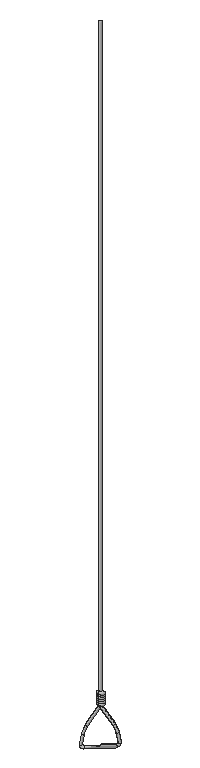
Revit family "Wire-HunterDouglas-TechStyle_E-Clipped", category Specialty Equipment, Revit 2013
Parameters
  ecoScorecard_data = "http://products.ecoscorecard.com/hunterdouglascontract/TechE"
  ecoScorecard Product Page = "http://hunterdouglascontract.ecoscorecard.com/product/TechE?base_search=product_category_A1035"
  Wire Visibility = yes
  Wire Hanger = none
  Width = 0' - 0"
  Weight Per Piece Area = 0.0003 ksf
  Warranty URL = "http://www.hunterdouglascontract.com/ceilings/acousticalsolutions/techstyleE/index.jsp#"
  Wall Angle Visibility = yes
  VOC Data URL = "http://assets.hunterdouglascontract.com/documents/ceilings/metalsystems/Metal1_-_Greenguard_Gold_Certificate.pdf?modDate=1386600944000"
  URL = "http://www.hunterdouglasceilings.com"
  Technical Information = "http://assets.hunterdouglascontract.com/documents/ceilings/acousticalsolutions/TS11_Techstyle-E_Clipped.doc?modDate=1291936409000"
  Submittal URL = "http://assets.hunterdouglascontract.com/documents/ceilings/acousticalsolutions/TechstyleE-SubmittalSheet-final.pdf?modDate=1252612762000"
  Subcategory = "Techstyle E"  # constant formula
  Smoke Developed Index = "≤ 10"
  Seismic Info URL = "http://assets.hunterdouglascontract.com/documents/Cadfiles/cad/1/1.24.dwg"
  Recycled Content Percentage = "7%"
  Recyclable = yes
  Product Page URL = "http://www.hunterdouglascontract.com/ceilings/acousticalsolutions/techstyleE/index.jsp"
  Product Line = "Techstyle Ceilings"  # constant formula
  Perforations = "http://www.hunterdouglascontract.com/ceilings/acousticalsolutions/techstyleE/index.jsp"
  Perforation Pattern Info URL = ""
  Panel Width Availability = "24\", 30\", 48\""
  Panel Length Availability = "6” in increments of 6\" up to 72\"  and up to 96\" (for 24\" W Only)"
  Mold Resistant Note = "Resistant to 95% humidity in 104°F temperature"
  Model = "Techstyle E"  # constant formula
  Material = Metal - Aluminum Frame - HunterDouglas - Painted White
  Manufacturer Phone = ""
  Manufacturer Fax = ""
  Manufacturer Email = "mailto:ceilings@hunterdouglas.com"
  Manufacturer Address = "1 Hunter Douglas Circle, Thornton CO 80241"  # constant formula
  Manufacturer = "Hunter Douglas Luxalon Metal Ceilings"  # constant formula
  Light Reflectance Average = 0.81
  Installation URL = "http://assets.hunterdouglascontract.com/documents/ceilings/acousticalsolutions/classic/Installation_Instruct_2008.pdf?modDate=1240872428000"
  Humidity and Sag Resistant = yes
  High Durability = yes
  Height = 0' - 0"
  HangerWire Length = 2' - 0"
  HPD URL = "In Process"
  GREENGUARD URL = "http://assets.hunterdouglascontract.com/documents/ceilings/metalsystems/Metal1_-_Greenguard_Gold_Certificate.pdf?modDate=1386600944000"
  GREENGUARD Certified = yes
  Floating Trim Visibility = no
  Flame Spread Index = "≤ 10"
  Fire Rating = "Class A (1) (ASTM E 84) (ASTM 1264)"
  EPD URL = "In Process"
  Different Colors Available = no
  Description = "Acoustical Ceiling Panels"  # constant formula
  Cost Info = "mailto:ceilings@hunterdouglas.com"
  Copyright © = "© Hunter Douglas Inc., All rights reserved."  # constant formula
  Color Finishes = "http://www.hunterdouglascontract.com/ceilings/acousticalsolutions/techstyleE/index.jsp"
  Assembly Code = "C3030210"
  Additional Resources Note = "Product details, finishes, construction details, and more can be accessed on the Product Page URL."
  Acoustics NRC = "0.85 (ASTM C 423)"
  Acoustics CAC = "17 w/no backer, (ASTM E 1414)"
  95 CSI = "09510"  # constant formula
  04 CSI = "09 51 00"  # constant formula
Reference planes (in)
  plane 1 "Center (Front/Back)": y = 0
  plane 2: z = 0
  plane 3 "Center (Left/Right)": x = 0
  plane 4: x = -0.77248
  plane 5: x = 0.77248
  plane 6: z = 2.4375
  plane 7: z = 2.5
  plane 8: z = 24
  plane 9: z = 24.21875
Forms (in)
  Sweep 1, solid, material "Metal - Aluminum Frame - HunterDouglas - Painted White" <- "Material", detail levels fine
    path origin (0, 0, 0) x (0.707107, 0.707107, 0) y (0, 0, 1)
      loop
        line (0.03125, 24.21875) -> (0.03125, 3.70793) -> (0.38236, 3.14135)
        arc (0.38236, 3.14135) -> (0.44435, 3.01623) -> (0.48166, 2.88166) r 0.73777
        line (0.48166, 2.88166) -> (0.5376, 2.56649)
        arc (0.5376, 2.56649) -> (0.51364, 2.47677) -> (0.42949, 2.4375) r 0.1098
        line (0.42949, 2.4375) -> (-0.42976, 2.4375)
        arc (-0.42976, 2.4375) -> (-0.51374, 2.47669) -> (-0.53765, 2.56622) r 0.10957
        line (-0.53765, 2.56622) -> (-0.48246, 2.87715)
        arc (-0.48246, 2.87715) -> (-0.44395, 3.01607) -> (-0.37995, 3.14524) r 0.76163
        line (-0.37995, 3.14524) -> (-0.0384, 3.69638)
    profile origin (-0.0001, -0.0001, 2.4375) x (0, 0, -1) y (0.707107, -0.707107, 0)
      loop
        circle (-0.03125, 0) r 0.03125
  Revolve 2, solid, material "Metal - Aluminum Frame - HunterDouglas - Painted White" <- "Material", detail levels fine
    sketch origin (0.00705, -1.10535, 0.17393) x (0, 0.947216, -0.320596) y (0, 0.320596, 0.947216)
      loop
        line (-0.19925, 4.08974) -> (-0.26999, 4.08974)
        arc (-0.26999, 4.08974) -> (-0.30124, 4.05849) -> (-0.26999, 4.02724) r 0.03125
        line (-0.26999, 4.02724) -> (-0.19925, 4.02724) -> (-0.19925, 4.08974)
      axis (-0.19925, 4.02724) -> (-0.19925, 4.08974)
    angle from 0 to 360
  Revolve 3, solid, material "Metal - Aluminum Frame - HunterDouglas - Painted White" <- "Material", detail levels fine
    sketch origin (0.00705, -1.10535, 0.04197) x (0, 0.947216, -0.320596) y (0, 0.320596, 0.947216)
      loop
        line (-0.19925, 4.08974) -> (-0.26999, 4.08974)
        arc (-0.26999, 4.08974) -> (-0.30124, 4.05849) -> (-0.26999, 4.02724) r 0.03125
        line (-0.26999, 4.02724) -> (-0.19925, 4.02724) -> (-0.19925, 4.08974)
      axis (-0.19925, 4.02724) -> (-0.19925, 4.08974)
    angle from 0 to 360
  Revolve 4, solid, material "Metal - Aluminum Frame - HunterDouglas - Painted White" <- "Material", detail levels fine
    sketch origin (0.00705, -1.10535, 0.10916) x (0, 0.947216, -0.320596) y (0, 0.320596, 0.947216)
      loop
        line (-0.19925, 4.08974) -> (-0.26999, 4.08974)
        arc (-0.26999, 4.08974) -> (-0.30124, 4.05849) -> (-0.26999, 4.02724) r 0.03125
        line (-0.26999, 4.02724) -> (-0.19925, 4.02724) -> (-0.19925, 4.08974)
      axis (-0.19925, 4.02724) -> (-0.19925, 4.08974)
    angle from 0 to 360
  Revolve 5, solid, material "Metal - Aluminum Frame - HunterDouglas - Painted White" <- "Material", detail levels fine
    sketch origin (0.00705, -1.10535, -0.02357) x (0, 0.947216, -0.320596) y (0, 0.320596, 0.947216)
      loop
        line (-0.19925, 4.08974) -> (-0.26999, 4.08974)
        arc (-0.26999, 4.08974) -> (-0.30124, 4.05849) -> (-0.26999, 4.02724) r 0.03125
        line (-0.26999, 4.02724) -> (-0.19925, 4.02724) -> (-0.19925, 4.08974)
      axis (-0.19925, 4.02724) -> (-0.19925, 4.08974)
    angle from 0 to 360
  Revolve 6, solid, material "Metal - Aluminum Frame - HunterDouglas - Painted White" <- "Material", detail levels fine
    sketch origin (0.00705, -1.10535, -0.08912) x (0, 0.947216, -0.320596) y (0, 0.320596, 0.947216)
      loop
        line (-0.19925, 4.08974) -> (-0.26999, 4.08974)
        arc (-0.26999, 4.08974) -> (-0.30124, 4.05849) -> (-0.26999, 4.02724) r 0.03125
        line (-0.26999, 4.02724) -> (-0.19925, 4.02724) -> (-0.19925, 4.08974)
      axis (-0.19925, 4.02724) -> (-0.19925, 4.08974)
    angle from 0 to 360
  Revolve 7, solid, material "Metal - Aluminum Frame - HunterDouglas - Painted White" <- "Material", detail levels fine
    sketch origin (0.00705, -1.10535, -0.15857) x (0, 0.947216, -0.320596) y (0, 0.320596, 0.947216)
      loop
        line (-0.19925, 4.08974) -> (-0.26999, 4.08974)
        arc (-0.26999, 4.08974) -> (-0.30124, 4.05849) -> (-0.26999, 4.02724) r 0.03125
        line (-0.26999, 4.02724) -> (-0.19925, 4.02724) -> (-0.19925, 4.08974)
      axis (-0.19925, 4.02724) -> (-0.19925, 4.08974)
    angle from 0 to 360
Lines and regions (in)
  model lines, style "Wire", detail levels coarse+medium
    curve 1: line (0, 0, 24) -> (0, 0, 2.5)
  symbolic lines, style "Wire", detail levels fine
    curve 2: line (-0.38204, -0.33784, 0) -> (-0.08282, -0.03863, 0)
    curve 3: line (0.38204, 0.33784, 0) -> (0.09664, 0.05243, 0)
    curve 4: arc (0.33784, 0.38204, 0) -> (0.38204, 0.38204, 0) -> (0.38204, 0.33784, 0) r 0.03125
    curve 5: arc (-0.38204, -0.33784, 0) -> (-0.38204, -0.38204, 0) -> (-0.33784, -0.38204, 0) r 0.03125
    curve 6: circle (0.00691, 0.00691, 0) r 0.10062 normal (0, 0, 1)
    curve 7: circle (0, 0, 0) r 0.03125 normal (0, 0, 1)
    curve 8: line (0.05244, 0.09663, 0) -> (0.33784, 0.38204, 0)
    curve 9: line (-0.03862, -0.08282, 0) -> (-0.33784, -0.38204, 0)
    curve 14: line (-0.03122, 0, 24.21875) -> (0.03122, 0, 24.21875)
    curve 15: line (0.03122, 0, 24.21875) -> (0.03122, 0, 4.1081)
    curve 16: line (-0.02999, 0, 3.69117) -> (-0.27048, 0, 3.16052)
    curve 17: line (-0.39791, 0, 2.57083) -> (-0.33782, 0, 2.89346)
    curve 18: arc (-0.33782, 0, 2.89346) -> (-0.3161, 0, 3.03) -> (-0.27048, 0, 3.16052) r 0.77561
    curve 19: arc (-0.39791, 0, 2.57083) -> (-0.37867, 0, 2.48393) -> (-0.30275, 0, 2.4375) r 0.11373
    curve 20: line (0.08629, 0, 3.61911) -> (-0.02999, 0, 3.69117)
    curve 21: spline (-0.03122, 0, 3.69014) -> (-0.02944, 0, 3.69066) -> (-0.02594, 0, 3.69166) -> (-0.02092, 0, 3.6931) -> (-0.01467, 0, 3.69489) -> (-0.00756, 0, 3.69692) -> (0, 0, 3.69907) -> (0.00755, 0, 3.70122) -> (0.01466, 0, 3.70324) -> (0.02091, 0, 3.70501) -> (0.02594, 0, 3.70643) -> (0.02944, 0, 3.70742) -> (0.03122, 0, 3.70792)
    curve 22: line (0.00884, 0, 3.62544) -> (-0.21356, 0, 3.13472)
    curve 23: arc (-0.2757, 0, 2.88565) -> (-0.25593, 0, 3.013) -> (-0.21356, 0, 3.13472) r 0.71311
    curve 24: line (-0.33647, 0, 2.55939) -> (-0.2757, 0, 2.88565)
    curve 25: arc (-0.33647, 0, 2.55939) -> (-0.3278, 0, 2.52024) -> (-0.2936, 0, 2.49933) r 0.05123
    curve 26: line (0.03122, 0, 24.21875) -> (-0.03122, 0, 24.21875)
    curve 27: line (-0.03122, 0, 24.21875) -> (-0.03122, 0, 4.1296)
    curve 28: line (-0.2936, 0, 2.49933) -> (0, 0, 2.49933)
    curve 29: line (0, 0, 2.4375) -> (-0.30275, 0, 2.4375)
    curve 30: line (-0.03122, 0, 3.73252) -> (-0.03122, 0, 3.68845)
    curve 31: line (0.03122, 0, 3.68845) -> (0.27048, 0, 3.16052)
    curve 32: line (0.39791, 0, 2.57083) -> (0.33782, 0, 2.89346)
    curve 33: arc (0.33782, 0, 2.89346) -> (0.3161, 0, 3.03) -> (0.27048, 0, 3.16052) r 0.77561
    curve 34: arc (0.39791, 0, 2.57083) -> (0.37867, 0, 2.48393) -> (0.30275, 0, 2.4375) r 0.11373
    curve 35: spline (0.03122, 0, 3.69014) -> (0.02944, 0, 3.69066) -> (0.02594, 0, 3.69166) -> (0.02092, 0, 3.6931) -> (0.01467, 0, 3.69489) -> (0.00756, 0, 3.69692) -> (0, 0, 3.69907) -> (-0.00755, 0, 3.70122) -> (-0.01466, 0, 3.70324) -> (-0.02091, 0, 3.70501) -> (-0.02594, 0, 3.70643) -> (-0.02944, 0, 3.70742) -> (-0.03122, 0, 3.70792)
    curve 36: line (-0.00884, 0, 3.62544) -> (0.21356, 0, 3.13472)
    curve 37: arc (0.2757, 0, 2.88565) -> (0.25593, 0, 3.013) -> (0.21356, 0, 3.13472) r 0.71311
    curve 38: line (0.33647, 0, 2.55939) -> (0.2757, 0, 2.88565)
    curve 39: arc (0.33647, 0, 2.55939) -> (0.3278, 0, 2.52024) -> (0.2936, 0, 2.49933) r 0.05123
    curve 40: line (0.2936, 0, 2.49933) -> (0, 0, 2.49933)
    curve 41: line (0, 0, 2.4375) -> (0.30275, 0, 2.4375)
    curve 42: line (0.03122, 0, 3.73252) -> (0.03122, 0, 3.68845)
    curve 43: line (0, 0.03122, 3.68845) -> (0, 0.27048, 3.16052)
    curve 44: line (0, 0.39791, 2.57083) -> (0, 0.33782, 2.89346)
    curve 45: arc (0, 0.33782, 2.89346) -> (0, 0.3161, 3.03) -> (0, 0.27048, 3.16052) r 0.77561
    curve 46: arc (0, 0.39791, 2.57083) -> (0, 0.37867, 2.48393) -> (0, 0.30275, 2.4375) r 0.11373
    curve 47: line (0, -0.00884, 3.62544) -> (0, 0.21356, 3.13472)
    curve 48: arc (0, 0.2757, 2.88565) -> (0, 0.25593, 3.013) -> (0, 0.21356, 3.13472) r 0.71311
    curve 49: line (0, 0.33647, 2.55939) -> (0, 0.2757, 2.88565)
    curve 50: arc (0, 0.33647, 2.55939) -> (0, 0.3278, 2.52024) -> (0, 0.2936, 2.49933) r 0.05123
    curve 51: line (0, 0.2936, 2.49933) -> (0, 0, 2.49933)
    curve 52: line (0, 0, 2.4375) -> (0, 0.30275, 2.4375)
    curve 53: line (0, -0.03122, 3.68845) -> (0, -0.27048, 3.16052)
    curve 54: line (0, -0.39791, 2.57083) -> (0, -0.33782, 2.89346)
    curve 55: arc (0, -0.33782, 2.89346) -> (0, -0.3161, 3.03) -> (0, -0.27048, 3.16052) r 0.77561
    curve 56: arc (0, -0.39791, 2.57083) -> (0, -0.37867, 2.48393) -> (0, -0.30275, 2.4375) r 0.11373
    curve 57: line (0, 0.00884, 3.62544) -> (0, -0.21356, 3.13472)
    curve 58: arc (0, -0.2757, 2.88565) -> (0, -0.25593, 3.013) -> (0, -0.21356, 3.13472) r 0.71311
    curve 59: line (0, -0.33647, 2.55939) -> (0, -0.2757, 2.88565)
    curve 60: arc (0, -0.33647, 2.55939) -> (0, -0.3278, 2.52024) -> (0, -0.2936, 2.49933) r 0.05123
    curve 61: line (0, -0.2936, 2.49933) -> (0, 0, 2.49933)
    curve 62: line (0, 0, 2.4375) -> (0, -0.30275, 2.4375)
    curve 63: line (0, -0.03122, 3.73252) -> (0, -0.03122, 3.68845)
    curve 64: line (0, -0.04684, 4.13498) -> (0, 0.08788, 4.08859)
    curve 65: line (0, -0.07537, 4.07858) -> (0, 0.06749, 4.02939)
    curve 66: arc (0, 0.08788, 4.08859) -> (0, 0.10729, 4.0488) -> (0, 0.06749, 4.02939) r 0.03131
    curve 67: arc (0, -0.04684, 4.13498) -> (0, -0.08569, 4.11922) -> (0, -0.07537, 4.07858) r 0.0319
    curve 68: arc (0, 0.08788, 4.02237) -> (0, 0.10784, 3.98437) -> (0, 0.0711, 3.96216) r 0.03131
    curve 69: arc (0, -0.04684, 4.06876) -> (0, -0.08551, 4.05335) -> (0, -0.07602, 4.01282) r 0.0319
    curve 70: line (0, -0.07602, 4.01282) -> (0, 0.0711, 3.96216)
    curve 71: arc (0, 0.08788, 3.95615) -> (0, 0.10784, 3.91815) -> (0, 0.0711, 3.89594) r 0.03131
    curve 72: arc (0, -0.04684, 4.00254) -> (0, -0.08551, 3.98713) -> (0, -0.07602, 3.9466) r 0.0319
    curve 73: line (0, -0.07602, 3.9466) -> (0, 0.0711, 3.89594)
    curve 74: arc (0, 0.08788, 3.88993) -> (0, 0.10784, 3.85193) -> (0, 0.0711, 3.82972) r 0.03131
    curve 75: arc (0, -0.04684, 3.93632) -> (0, -0.08551, 3.92091) -> (0, -0.07602, 3.88038) r 0.0319
    curve 76: line (0, -0.07602, 3.88038) -> (0, 0.0711, 3.82972)
    curve 77: arc (0, 0.08788, 3.82371) -> (0, 0.10784, 3.78571) -> (0, 0.0711, 3.7635) r 0.03131
    curve 78: arc (0, -0.04684, 3.8701) -> (0, -0.08551, 3.85469) -> (0, -0.07602, 3.81416) r 0.0319
    curve 79: line (0, -0.07602, 3.81416) -> (0, 0.0711, 3.7635)
    curve 80: arc (0, 0.08788, 3.75749) -> (0, 0.10784, 3.71949) -> (0, 0.0711, 3.69728) r 0.03131
    curve 81: arc (0, -0.04684, 3.80388) -> (0, -0.08551, 3.78847) -> (0, -0.07602, 3.74794) r 0.0319
    curve 82: line (0, -0.07602, 3.74794) -> (0, 0.0711, 3.69728)
    curve 83: line (0, -0.03122, 3.73252) -> (0, -0.03122, 3.68845)
    curve 84: spline (0, 0.03122, 3.69014) -> (0, 0.02944, 3.69066) -> (0, 0.02594, 3.69166) -> (0, 0.02092, 3.6931) -> (0, 0.01467, 3.69489) -> (0, 0.00756, 3.69692) -> (0, 0, 3.69907) -> (0, -0.00755, 3.70122) -> (0, -0.01466, 3.70324) -> (0, -0.02091, 3.70501) -> (0, -0.02594, 3.70643) -> (0, -0.02944, 3.70742) -> (0, -0.03122, 3.70792)
    curve 85: line (0, 0.03122, 3.71102) -> (0, 0.03122, 3.68845)
  symbolic lines, style "Wire"
    curve 10: line (0, 0.03125, 24.21875) -> (0, -0.03125, 24.21875)
    curve 11: line (0, -0.03125, 24.21875) -> (0, -0.03125, 4.05165)
    curve 12: arc (0, 0.03125, 4.05165) -> (0, 0, 4.04216) -> (0, -0.03125, 4.05165) r 0.05621
    curve 13: line (0, 0.03125, 4.05165) -> (0, 0.03125, 24.21875)
    curve 86: arc (-0.07801, 0, 3.78381) -> (-0.09482, 0, 3.81838) -> (-0.07483, 0, 3.85122) r 0.04011
    curve 87: arc (-0.07459, 0, 3.85136) -> (-0.03526, 0, 3.86711) -> (0.00686, 0, 3.87167) r 0.15569
    curve 88: arc (0.09173, 0, 3.78381) -> (0.10854, 0, 3.81838) -> (0.08855, 0, 3.85122) r 0.04011
    curve 89: arc (0.0883, 0, 3.85136) -> (0.04898, 0, 3.86711) -> (0.00686, 0, 3.87167) r 0.15569
    curve 90: arc (-0.07483, 0, 3.85122) -> (-0.09482, 0, 3.88413) -> (-0.07788, 0, 3.91872) r 0.04011
    curve 91: arc (-0.07459, 0, 3.92081) -> (-0.03526, 0, 3.93656) -> (0.00686, 0, 3.94112) r 0.15569
    curve 92: arc (0.08855, 0, 3.85122) -> (0.10858, 0, 3.88609) -> (0.0883, 0, 3.92081) r 0.04011
    curve 93: arc (0.0883, 0, 3.92081) -> (0.04898, 0, 3.93656) -> (0.00686, 0, 3.94112) r 0.15569
    curve 94: arc (-0.07788, 0, 3.91872) -> (-0.09482, 0, 3.95344) -> (-0.07459, 0, 3.98635) r 0.04011
    curve 95: arc (-0.07459, 0, 3.98635) -> (-0.03526, 0, 4.0021) -> (0.00686, 0, 4.00666) r 0.15569
    curve 96: arc (0.0916, 0, 3.91872) -> (0.10853, 0, 3.95344) -> (0.0883, 0, 3.98635) r 0.04011
    curve 97: arc (0.0883, 0, 3.98635) -> (0.04898, 0, 4.0021) -> (0.00686, 0, 4.00666) r 0.15569
    curve 98: arc (-0.07788, 0, 3.98426) -> (-0.09486, 0, 4.01703) -> (-0.07788, 0, 4.0498) r 0.04011
    curve 99: arc (-0.07459, 0, 4.05189) -> (-0.03526, 0, 4.06764) -> (0.00686, 0, 4.0722) r 0.15569
    curve 100: arc (0.0916, 0, 3.98426) -> (0.10858, 0, 4.01703) -> (0.0916, 0, 4.0498) r 0.04011
    curve 101: arc (0.0883, 0, 4.05189) -> (0.04898, 0, 4.06764) -> (0.00686, 0, 4.0722) r 0.15569
    curve 102: arc (-0.07788, 0, 4.0498) -> (-0.09482, 0, 4.08452) -> (-0.07459, 0, 4.11744) r 0.04011
    curve 103: arc (-0.07459, 0, 4.11744) -> (-0.03526, 0, 4.13318) -> (0.00686, 0, 4.13774) r 0.15569
    curve 104: arc (0.0916, 0, 4.0498) -> (0.10853, 0, 4.08452) -> (0.0883, 0, 4.11744) r 0.04011
    curve 105: arc (0.0883, 0, 4.11744) -> (0.04898, 0, 4.13318) -> (0.00686, 0, 4.13774) r 0.15569
    curve 106: arc (-0.07788, 0, 3.71818) -> (-0.09482, 0, 3.75291) -> (-0.07459, 0, 3.78582) r 0.04011
    curve 107: arc (-0.07801, 0, 3.78381) -> (-0.03718, 0, 3.80107) -> (0.00686, 0, 3.80613) r 0.15569
    curve 108: arc (0.0916, 0, 3.71818) -> (0.10853, 0, 3.75291) -> (0.0883, 0, 3.78582) r 0.04011
    curve 109: arc (0.09173, 0, 3.78381) -> (0.0509, 0, 3.80107) -> (0.00686, 0, 3.80613) r 0.15569
    curve 110: arc (-0.07788, 0, 3.71818) -> (-0.05245, 0, 3.70483) -> (-0.02439, 0, 3.69871) r 0.10721
    curve 111: arc (0.0916, 0, 3.71818) -> (0.06617, 0, 3.70483) -> (0.03811, 0, 3.69871) r 0.10721
Dimensions and locks (in)
  equal spacing: plane 4, plane 3 "Center (Left/Right)", plane 5
  plane 4 to plane 5 = 0' - 1.54495"
  locked: plane 6 to plane 7 at 0.0625
  locked: plane 6 to level at 2.4375
  "HangerWire Length": plane 8 to level
  locked: plane 9 to plane 8 at 0.21875
  aligned and locked: level to plane 2
  aligned and locked: Sweep 1 sketch curve to plane 6
  aligned and locked: curve 1 to plane 3 "Center (Left/Right)"
  aligned and locked: plane 7 to curve 1
  aligned and locked: plane 8 to curve 1
  aligned and locked: plane 9 to curve 26
  aligned and locked: plane 9 to Sweep 1 sketch curve
  aligned and locked: curve 10 to plane 9
Automatic sketch dimensions
  curve 12 to plane 1 "Center (Front/Back)" = 0' - 0"
  plane 1 "Center (Front/Back)" to curve 11 = 0' - 0 1/32"
  curve 13 to plane 1 "Center (Front/Back)" = 0' - 0 1/32"
  curve 12 to curve 12 = 0' - 0.04672"
  curve 18 to curve 23 = 0' - 0"  (x2)
  curve 19 to curve 25 = 0' - 0"  (x2)
  curve 33 to curve 37 = 0' - 0"  (x2)
  curve 34 to curve 39 = 0' - 0"  (x2)
  curve 19 to plane 6 = 0' - 0"
  curve 41 to plane 3 "Center (Left/Right)" = 0' - 0"
  curve 40 to plane 3 "Center (Left/Right)" = 0' - 0"
  curve 35 to plane 3 "Center (Left/Right)" = 0' - 0"
  curve 36 to plane 3 "Center (Left/Right)" = 0' - 0.00884"
  curve 16 to plane 3 "Center (Left/Right)" = 0' - 0.02999"
  curve 14 to plane 3 "Center (Left/Right)" = 0' - 0.03122"
  curve 35 to curve 16 = 0' - 0.00123"
  curve 21 to curve 21 = 0' - 0.00021"
  curve 22 to plane 3 "Center (Left/Right)" = 0' - 0.21356"
  curve 18 to curve 23 = 0' - 0.05693"
  curve 23 to curve 22 = 0' - 0.06215"
  plane 7 to curve 19 = 0' - 0.05001"
  curve 19 to plane 3 "Center (Left/Right)" = 0' - 0.2861"
  curve 25 to plane 7 = 0' - 0.00067"
  curve 25 to curve 19 = 0' - 0.0075"
  curve 29 to curve 28 = 0' - 0.00915"
  curve 25 to curve 19 = 0' - 0.05037"
  curve 17 to curve 23 = 0' - 0.06212"
  plane 7 to curve 17 = 0' - 0.07083"
  curve 37 to curve 17 = 0' - 0.09814"
  plane 3 "Center (Left/Right)" to curve 21 = 0' - 0"
  plane 3 "Center (Left/Right)" to curve 22 = 0' - 0.00884"
  plane 3 "Center (Left/Right)" to curve 42 = 0' - 0.03122"
  plane 3 "Center (Left/Right)" to curve 14 = 0' - 0.03122"
  curve 35 to curve 31 = 0' - 0"
  curve 35 to curve 35 = 0' - 0.00021"
  curve 22 to curve 20 = 0' - 0.07745"
  plane 3 "Center (Left/Right)" to curve 37 = 0' - 0.21356"
  curve 36 to curve 31 = 0' - 0.05693"
  curve 37 to curve 38 = 0' - 0.06215"
  plane 7 to curve 39 = 0' - 0.05001"
  plane 3 "Center (Left/Right)" to curve 39 = 0' - 0.2861"
  curve 34 to curve 40 = 0' - 0.0075"
  curve 39 to curve 34 = 0' - 0.00915"
  curve 34 to curve 39 = 0' - 0.05037"
  curve 38 to curve 33 = 0' - 0.06212"
  curve 38 to curve 34 = 0' - 0.06144"
  curve 33 to curve 23 = 0' - 0.09814"
  curve 19 to curve 33 = 0' - 0 69/256"
  curve 34 to curve 18 = 0' - 0 69/256"
  curve 33 to curve 23 = 0' - 0.04529"
  curve 18 to curve 37 = 0' - 0.04529"
  curve 38 to curve 32 = 0' - 0 1/128"
  curve 23 to curve 18 = 0' - 0 1/128"
  curve 33 to curve 20 = 0' - 0.4586"
  curve 20 to curve 36 = 0' - 0.00633"
  curve 22 to curve 36 = 0' - 0"
  curve 36 to curve 30 = 0' - 0.06301"
  curve 42 to curve 16 = 0' - 0.00272"
  curve 31 to curve 35 = 0' - 0.00163"
  curve 30 to curve 21 = 0' - 0.00163"
  curve 35 to curve 35 = 0' - 0.00006"
  curve 21 to curve 21 = 0' - 0.00006"
  curve 35 to curve 30 = 0' - 0.0246"
  curve 21 to curve 42 = 0' - 0.0246"
  curve 42 to curve 15 = 0' - 0.37558"
  curve 15 to curve 27 = 0' - 0.0215"
  plane 1 "Center (Front/Back)" to curve 7 = 0' - 0"
  curve 7 to plane 3 "Center (Left/Right)" = 0' - 0"
  curve 9 to plane 3 "Center (Left/Right)" = 0' - 0.03862"
  plane 1 "Center (Front/Back)" to curve 2 = 0' - 0.03863"
  curve 2 to curve 9 = 0' - 0.0442"
  curve 5 to plane 3 "Center (Left/Right)" = 0' - 0.33784"
  curve 5 to curve 9 = 0' - 0.0221"
  curve 5 to curve 5 = 0' - 0.0221"
  plane 3 "Center (Left/Right)" to curve 6 = 0' - 0.00691"
  plane 3 "Center (Left/Right)" to curve 8 = 0' - 0.05244"
  curve 8 to curve 3 = 0' - 0.0442"
  plane 3 "Center (Left/Right)" to curve 4 = 0' - 0.33784"
  curve 4 to curve 4 = 0' - 0.0221"
  curve 4 to curve 3 = 0' - 0.0221"
  curve 9 to curve 2 = 0' - 0.0442"
  plane 1 "Center (Front/Back)" to curve 2 = 0' - 0.33784"
  curve 5 to curve 2 = 0' - 0.0221"
  curve 4 to plane 1 "Center (Front/Back)" = 0' - 0.33784"
  curve 3 to curve 4 = 0' - 0.0221"
  plane 7 to Sweep 1 sketch curve = 0' - 0.06622"
  plane 7 to Sweep 1 sketch curve = 0' - 0.37715"
  Sweep 1 sketch curve to Sweep 1 sketch curve = 0' - 0.05519"
  Sweep 1 sketch curve to Sweep 1 sketch curve = 0' - 0.10788"
  Sweep 1 sketch curve to Sweep 1 sketch curve = 0' - 0.10251"
  Sweep 1 sketch curve to Sweep 1 sketch curve = 0' - 0.2377"
  plane 7 to Sweep 1 sketch curve = 0' - 1.19638"
  Sweep 1 sketch curve to Sweep 1 sketch curve = 0' - 0.34154"
  Sweep 1 sketch curve to Sweep 1 sketch curve = 0' - 0.06965"
  plane 7 to Sweep 1 sketch curve = 0' - 0.24405"
  Sweep 1 sketch curve to Sweep 1 sketch curve = 0' - 0.51221"
  Sweep 1 sketch curve to Sweep 1 sketch curve = 0' - 0.1149"
  Sweep 1 sketch curve to Sweep 1 sketch curve = 0' - 0.16204"
  Sweep 1 sketch curve to Sweep 1 sketch curve = 0' - 0.21421"
  plane 7 to Sweep 1 sketch curve = 0' - 0.06649"
  Sweep 1 sketch curve to Sweep 1 sketch curve = 0' - 0.10811"
  plane 7 to Sweep 1 sketch curve = 0' - 0.25273"
  Sweep 1 sketch curve to Sweep 1 sketch curve = 0' - 0.13761"
  Sweep 1 sketch curve to Sweep 1 sketch curve = 0' - 0.01154"
  Sweep 1 sketch curve to profile plane = 0' - 0"
  profile plane to Sweep 1 sketch curve = 0' - 0 1/32"
  plane 1 "Center (Front/Back)" to Revolve 2 sketch curve = 0' - 0.06997"
  plane 7 to Revolve 2 sketch curve = 0' - 1.57516"
  Revolve 2 sketch curve to Revolve 2 sketch curve = 0' - 0.07074"
  Revolve 2 sketch curve to Revolve 2 sketch curve = 0' - 0"  (x2)
  Revolve 2 sketch curve to Revolve 2 sketch curve = 0' - 0 1/32"
  Revolve 2 sketch curve to Revolve 2 sketch curve = 0' - 0.02781"
  plane 1 "Center (Front/Back)" to Revolve 3 sketch curve = 0' - 0.06997"
  plane 7 to Revolve 3 sketch curve = 0' - 1.44319"
  Revolve 3 sketch curve to Revolve 3 sketch curve = 0' - 0.07074"
  Revolve 3 sketch curve to Revolve 3 sketch curve = 0' - 0"  (x2)
  Revolve 3 sketch curve to Revolve 3 sketch curve = 0' - 0 1/32"
  Revolve 3 sketch curve to Revolve 3 sketch curve = 0' - 0.02781"
  curve 45 to curve 48 = 0' - 0"  (x2)
  curve 46 to curve 50 = 0' - 0"  (x2)
  curve 55 to curve 58 = 0' - 0"  (x2)
  curve 56 to curve 60 = 0' - 0"  (x2)
  plane 6 to curve 46 = 0' - 0"
  curve 61 to plane 1 "Center (Front/Back)" = 0' - 0"
  curve 52 to plane 1 "Center (Front/Back)" = 0' - 0"
  curve 57 to plane 1 "Center (Front/Back)" = 0' - 0.00884"
  curve 85 to plane 1 "Center (Front/Back)" = 0' - 0.03122"
  curve 84 to curve 43 = 0' - 0"
  curve 84 to curve 84 = 0' - 0.00021"
  curve 65 to plane 1 "Center (Front/Back)" = 0' - 0.06749"
  curve 73 to plane 1 "Center (Front/Back)" = 0' - 0.0711"
  curve 68 to curve 71 = 0' - 0"
  curve 79 to curve 85 = 0' - 0.03988"
  curve 82 to curve 84 = 0' - 0.03967"
  curve 76 to curve 73 = 0' - 0"
  curve 74 to curve 74 = 0' - 0.00658"
  curve 68 to curve 68 = 0' - 0.00658"
  curve 77 to curve 79 = 0' - 0.00658"
  curve 80 to curve 80 = 0' - 0.00658"
  curve 71 to curve 73 = 0' - 0.00658"
  curve 66 to curve 66 = 0' - 0.01019"
  curve 80 to curve 79 = 0' - 0.01678"
  curve 77 to curve 76 = 0' - 0.01678"
  curve 64 to curve 66 = 0' - 0.01019"
  curve 71 to curve 70 = 0' - 0.01678"
  curve 68 to curve 66 = 0' - 0.02038"
  curve 74 to curve 73 = 0' - 0.01678"
  curve 48 to plane 1 "Center (Front/Back)" = 0' - 0.21356"
  curve 45 to curve 47 = 0' - 0.05693"
  curve 48 to curve 48 = 0' - 0.06215"
  plane 7 to curve 46 = 0' - 0.05001"
  curve 46 to plane 1 "Center (Front/Back)" = 0' - 0.2861"
  curve 50 to plane 7 = 0' - 0.00067"
  curve 50 to curve 46 = 0' - 0.0075"
  curve 52 to curve 50 = 0' - 0.00915"
  plane 7 to curve 49 = 0' - 0.05939"
  curve 44 to curve 48 = 0' - 0.06212"
  curve 46 to curve 49 = 0' - 0.06144"
  curve 55 to curve 45 = 0' - 0.09814"
  plane 1 "Center (Front/Back)" to curve 84 = 0' - 0"
  plane 1 "Center (Front/Back)" to curve 47 = 0' - 0.00884"
  plane 1 "Center (Front/Back)" to curve 83 = 0' - 0.03122"
  plane 1 "Center (Front/Back)" to curve 64 = 0' - 0.04684"
  plane 1 "Center (Front/Back)" to curve 69 = 0' - 0.04684"
  plane 1 "Center (Front/Back)" to curve 72 = 0' - 0.04684"
  plane 1 "Center (Front/Back)" to curve 81 = 0' - 0.04684"
  plane 1 "Center (Front/Back)" to curve 78 = 0' - 0.04684"
  plane 1 "Center (Front/Back)" to curve 75 = 0' - 0.04684"
  curve 72 to curve 72 = 0' - 0.01039"
  curve 67 to curve 67 = 0' - 0.01039"
  curve 81 to curve 81 = 0' - 0.01039"
  curve 69 to curve 69 = 0' - 0.01039"
  curve 78 to curve 78 = 0' - 0.01039"
  curve 75 to curve 75 = 0' - 0.01039"
  curve 69 to curve 67 = 0' - 0.02853"
  curve 75 to curve 73 = 0' - 0.02918"
  curve 72 to curve 69 = 0' - 0.02918"
  curve 81 to curve 81 = 0' - 0.01879"
  curve 78 to curve 75 = 0' - 0.02918"
  curve 81 to curve 79 = 0' - 0.02918"
  plane 1 "Center (Front/Back)" to curve 57 = 0' - 0.21356"
  curve 57 to curve 55 = 0' - 0.05693"
  curve 58 to curve 58 = 0' - 0.06215"
  plane 7 to curve 60 = 0' - 0.05001"
  plane 1 "Center (Front/Back)" to curve 60 = 0' - 0.2861"
  curve 56 to curve 60 = 0' - 0.0075"
  curve 60 to curve 62 = 0' - 0.00915"
  curve 56 to curve 60 = 0' - 0.05037"
  curve 58 to curve 55 = 0' - 0.06212"
  plane 7 to curve 54 = 0' - 0.07083"
  curve 54 to curve 45 = 0' - 0.09814"
  curve 56 to curve 45 = 0' - 0 69/256"
  curve 44 to curve 55 = 0' - 0 69/256"
  curve 45 to curve 59 = 0' - 0.04529"
  curve 55 to curve 49 = 0' - 0.04529"
  curve 58 to curve 54 = 0' - 0 1/128"
  curve 48 to curve 44 = 0' - 0 1/128"
  curve 57 to curve 47 = 0' - 0.49072"
  curve 57 to curve 47 = 0' - 0"
  curve 47 to curve 53 = 0' - 0.06301"
  curve 43 to curve 53 = 0' - 0"
  curve 43 to curve 84 = 0' - 0.00163"
  curve 84 to curve 84 = 0' - 0.00006"
  curve 84 to curve 80 = 0' - 0.00721"
  curve 84 to curve 85 = 0' - 0.02087"
  curve 80 to curve 80 = 0' - 0.03061"
  curve 80 to curve 79 = 0' - 0.00601"
  curve 81 to curve 81 = 0' - 0.02577"
  curve 79 to curve 77 = 0' - 0.03061"
  curve 81 to curve 79 = 0' - 0.01028"
  curve 77 to curve 74 = 0' - 0.00601"
  curve 78 to curve 78 = 0' - 0.02577"
  curve 74 to curve 74 = 0' - 0.03061"
  curve 78 to curve 75 = 0' - 0.01028"
  curve 74 to curve 73 = 0' - 0.00601"
  curve 75 to curve 75 = 0' - 0.02577"
  curve 73 to curve 71 = 0' - 0.03061"
  curve 75 to curve 72 = 0' - 0.01028"
  curve 71 to curve 68 = 0' - 0.00601"
  curve 72 to curve 72 = 0' - 0.02577"
  curve 68 to curve 68 = 0' - 0.03061"
  curve 72 to curve 69 = 0' - 0.01028"
  curve 68 to curve 66 = 0' - 0.00702"
  curve 70 to curve 69 = 0' - 0.02577"
  curve 66 to curve 66 = 0' - 0.0296"
  curve 65 to curve 67 = 0' - 0.02623"
  curve 86 to plane 3 "Center (Left/Right)" = 0' - 0.07801"
  curve 94 to plane 3 "Center (Left/Right)" = 0' - 0.07788"
  curve 98 to curve 94 = 0' - 0"
  curve 98 to curve 98 = 0' - 0"
  curve 107 to curve 110 = 0' - 0.00013"
  curve 86 to curve 90 = 0' - 0.00318"
  curve 102 to curve 99 = 0' - 0.0033"
  curve 98 to curve 95 = 0' - 0.0033"
  curve 90 to curve 87 = 0' - 0.00025"
  curve 86 to curve 106 = 0' - 0.00342"
  curve 94 to curve 91 = 0' - 0.0033"
  curve 94 to curve 95 = 0' - 0"
  curve 102 to curve 99 = 0' - 0"
  curve 103 to curve 102 = 0' - 0"
  curve 110 to curve 106 = 0' - 0.02313"
  curve 106 to curve 86 = 0' - 0.01984"
  curve 99 to curve 102 = 0' - 0.01984"
  curve 87 to curve 90 = 0' - 0.01984"
  curve 91 to curve 94 = 0' - 0.01984"
  curve 95 to curve 98 = 0' - 0.01984"
  curve 110 to plane 3 "Center (Left/Right)" = 0' - 0.02439"
  curve 110 to plane 3 "Center (Left/Right)" = 0' - 0.01579"
  plane 3 "Center (Left/Right)" to curve 107 = 0' - 0.00241"
  plane 3 "Center (Left/Right)" to curve 99 = 0' - 0.00241"
  plane 3 "Center (Left/Right)" to curve 91 = 0' - 0.00241"
  plane 3 "Center (Left/Right)" to curve 87 = 0' - 0.00241"
  plane 3 "Center (Left/Right)" to curve 103 = 0' - 0.00241"
  plane 3 "Center (Left/Right)" to curve 95 = 0' - 0.00241"
  plane 3 "Center (Left/Right)" to curve 103 = 0' - 0.00686"
  plane 3 "Center (Left/Right)" to curve 101 = 0' - 0.00686"
  plane 3 "Center (Left/Right)" to curve 97 = 0' - 0.00686"
  plane 3 "Center (Left/Right)" to curve 87 = 0' - 0.00686"
  plane 3 "Center (Left/Right)" to curve 109 = 0' - 0.00686"
  plane 3 "Center (Left/Right)" to curve 91 = 0' - 0.00686"
  curve 107 to curve 109 = 0' - 0.00891"
  curve 103 to curve 105 = 0' - 0.00891"
  curve 99 to curve 101 = 0' - 0.00891"
  curve 87 to curve 89 = 0' - 0.00891"
  curve 91 to curve 93 = 0' - 0.00891"
  curve 95 to curve 97 = 0' - 0.00891"
  curve 107 to curve 111 = 0' - 0.02264"
  curve 89 to curve 111 = 0' - 0.0268"
  curve 87 to curve 92 = 0' - 0.06161"
  curve 99 to curve 104 = 0' - 0.06161"
  curve 111 to curve 88 = 0' - 0.03896"
  curve 91 to curve 96 = 0' - 0.06161"
  curve 111 to curve 108 = 0' - 0.03036"
  curve 97 to curve 100 = 0' - 0.06161"
  curve 96 to curve 93 = 0' - 0.01984"
  curve 104 to curve 101 = 0' - 0.01984"
  curve 100 to curve 97 = 0' - 0.01984"
  curve 92 to curve 89 = 0' - 0.01984"
  curve 96 to curve 97 = 0' - 0"
  curve 104 to curve 104 = 0' - 0.01984"
  curve 105 to curve 104 = 0' - 0"
  curve 92 to curve 93 = 0' - 0"
  curve 88 to curve 108 = 0' - 0.01984"
  curve 89 to curve 88 = 0' - 0.00025"
  curve 108 to curve 111 = 0' - 0.02313"
  curve 92 to curve 96 = 0' - 0.0033"
  curve 101 to curve 100 = 0' - 0.0033"
  curve 96 to curve 100 = 0' - 0.0033"
  curve 108 to curve 109 = 0' - 0.00342"
  plane 7 to curve 107 = 0' - 1.1505"
  curve 109 to curve 107 = 0' - 0"
  curve 107 to curve 110 = 0' - 0.04821"
  curve 109 to curve 111 = 0' - 0.04821"
  curve 111 to curve 89 = 0' - 0.01733"
  curve 87 to curve 89 = 0' - 0"
  curve 111 to curve 108 = 0' - 0.01947"
  curve 110 to curve 110 = 0' - 0.01947"
  curve 111 to curve 108 = 0' - 0.03277"
  curve 110 to curve 106 = 0' - 0.03277"
  curve 109 to curve 108 = 0' - 0.00201"
  curve 93 to curve 107 = 0' - 0.02063"
  curve 91 to curve 93 = 0' - 0"
  curve 108 to curve 88 = 0' - 0.03068"
  curve 106 to curve 86 = 0' - 0.03068"
  curve 109 to curve 95 = 0' - 0.04491"
  curve 97 to curve 95 = 0' - 0"
  curve 90 to curve 87 = 0' - 0.00014"
  curve 87 to curve 90 = 0' - 0.03458"
  curve 101 to curve 91 = 0' - 0.02454"
  curve 99 to curve 101 = 0' - 0"
  curve 103 to curve 95 = 0' - 0.02454"
  curve 105 to curve 103 = 0' - 0"
  curve 100 to curve 96 = 0' - 0.00209"
  curve 98 to curve 95 = 0' - 0.00209"
  curve 97 to curve 100 = 0' - 0.03068"
  curve 100 to curve 101 = 0' - 0.00209"
  plane 1 "Center (Front/Back)" to Revolve 4 sketch curve = 0' - 0.06997"
  plane 7 to Revolve 4 sketch curve = 0' - 1.51039"
  Revolve 4 sketch curve to Revolve 4 sketch curve = 0' - 0.07074"
  Revolve 4 sketch curve to Revolve 4 sketch curve = 0' - 0"  (x2)
  Revolve 4 sketch curve to Revolve 4 sketch curve = 0' - 0 1/32"
  Revolve 4 sketch curve to Revolve 4 sketch curve = 0' - 0.02781"
  plane 1 "Center (Front/Back)" to Revolve 5 sketch curve = 0' - 0.06997"
  plane 7 to Revolve 5 sketch curve = 0' - 1.37765"
  Revolve 5 sketch curve to Revolve 5 sketch curve = 0' - 0.07074"
  Revolve 5 sketch curve to Revolve 5 sketch curve = 0' - 0"  (x2)
  Revolve 5 sketch curve to Revolve 5 sketch curve = 0' - 0 1/32"
  Revolve 5 sketch curve to Revolve 5 sketch curve = 0' - 0.02781"
  plane 1 "Center (Front/Back)" to Revolve 6 sketch curve = 0' - 0.06997"
  plane 7 to Revolve 6 sketch curve = 0' - 1.31211"
  Revolve 6 sketch curve to Revolve 6 sketch curve = 0' - 0.07074"
  Revolve 6 sketch curve to Revolve 6 sketch curve = 0' - 0"  (x2)
  Revolve 6 sketch curve to Revolve 6 sketch curve = 0' - 0 1/32"
  Revolve 6 sketch curve to Revolve 6 sketch curve = 0' - 0.02781"
  plane 1 "Center (Front/Back)" to Revolve 7 sketch curve = 0' - 0.06997"
  plane 7 to Revolve 7 sketch curve = 0' - 1.24266"
  Revolve 7 sketch curve to Revolve 7 sketch curve = 0' - 0.07074"
  Revolve 7 sketch curve to Revolve 7 sketch curve = 0' - 0"  (x2)
  Revolve 7 sketch curve to Revolve 7 sketch curve = 0' - 0 1/32"
  Revolve 7 sketch curve to Revolve 7 sketch curve = 0' - 0.02781"
  plane 7 to curve 12 = 0' - 1.59837"
  radius of curve 7 = 0' - 0 1/32"
  radius of Sweep 1 sketch curve = 0' - 0 1/32"
